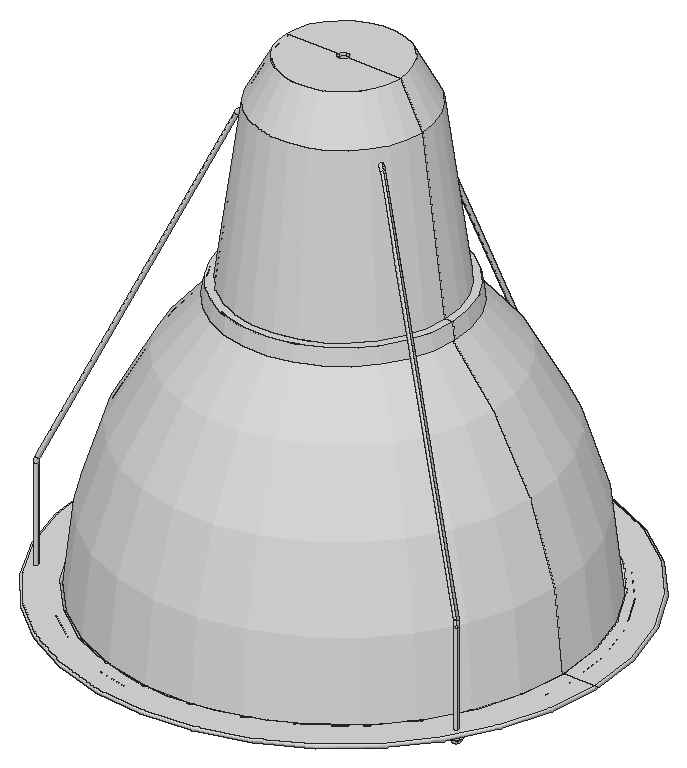
Revit family "RD22", category Lighting Fixtures, Revit 2024
Family settings
  Round Connector Dimension = Use Diameter
  Part Type = Normal
  OmniClass Number = 23.80.70.00
  OmniClass Title = Lighting
  Work Plane-Based = No
  Always vertical = Yes
  Cut with Voids When Loaded = No
  Light Source = No
  Maintain Annotation Orientation = No
  Shared = No
  Room Calculation Point = No
Parameters
  Default Elevation = 0' - 0"
Reference planes (in)
  plane 1 "Light Source Axis (F/B)": y = 0
  plane 2: z = 0
  plane 3 "Light Source Axis (L/R)": x = 0
  plane 4 "Light Source Elevation": z = 54
Forms (in)
  Revolve 1, solid, material "48"
    sketch origin (0, 0, 0) x (1, 0, 0) y (0, 0, 1)
      loop
        line (2.8125, 77.75) -> (0.25, 77.75) -> (0.25, 77.65625) -> (2.75696, 77.65625) -> (3.81747, 75.72007) -> (4.91835, 67.78125) -> (5.29558, 67.78125) -> (5.40496, 67.125) -> (5.5, 67.125) -> (5.375, 67.875) -> (5, 67.875) -> (3.90796, 75.75) -> (2.8125, 77.75)
      axis (0, 67.125) -> (0, 77.75)
    angle from 0 to 360
  Revolve 2, solid, material "48"
    sketch origin (0, 0, 0) x (1, 0, 0) y (0, 0, 1)
      loop
        arc (11.1875, 54) -> (11.25, 54.0625) -> (11.1875, 54.125) r 0.0625
        line (11.1875, 54.125) -> (10.83403, 54.125)
        arc (10.83403, 54.125) -> (9.2544, 61.42208) -> (4.98056, 67.54392) r 18.96413
        line (4.98056, 67.54392) -> (4.91425, 67.47761)
        arc (4.91425, 67.47761) -> (9.19267, 61.32887) -> (10.74175, 54) r 18.87038
        line (10.74175, 54) -> (11.1875, 54)
      axis (0, 67.54392) -> (0, 54)
    angle from 0 to 360
  Revolve 3, solid, material "48"
    sketch origin (0, 0, 0) x (1, 0, 0) y (0, 0, 1)
      loop
        arc (12.4125, 54.125) -> (12.5, 54.2125) -> (12.4125, 54.3) r 0.0875
        line (12.4125, 54.3) -> (10.93136, 54.3)
        arc (10.93136, 54.3) -> (10.84386, 54.2125) -> (10.93136, 54.125) r 0.0875
        line (10.93136, 54.125) -> (12.4125, 54.125)
      axis (0, 54.3) -> (0, 54.125)
    angle from 0 to 360
  Sweep 4, solid, material "48"
    path origin (0, 0, 0) x (0.866025, 0.5, 0) y (0, 0, 1)
      loop
        line (-11.96945, 54.3) -> (-11.96945, 58.82315)
        arc (-11.96945, 58.82315) -> (-11.95511, 58.95099) -> (-11.9128, 59.07247) r 0.577
        line (-11.9128, 59.07247) -> (-4.16178, 74.8941)
        arc (-4.16178, 74.8941) -> (-3.90561, 75.02468) -> (-3.74137, 74.78867) r 0.21875
    profile origin (-10.36584, -5.98472, 56.56157) x (-0.866025, -0.5, 0) y (0.5, -0.866025, 0)
      loop
        circle (0, 0) r 0.09375
  Revolve 5, solid, material "48"
    sketch origin (0, 0, 0) x (0.866025, 0.5, 0) y (0, 0, 1)
      loop
        line (-12.28093, 54.125) -> (-12.28093, 53.96904)
        arc (-12.28093, 53.96904) -> (-12.24499, 53.93309) -> (-12.20057, 53.90839) r 0.18335
        arc (-12.20057, 53.90839) -> (-12.13287, 53.74497) -> (-11.96945, 53.67727) r 0.23112
        line (-11.96945, 53.67727) -> (-11.96945, 54.125) -> (-12.28093, 54.125)
      axis (-11.96945, 53.67727) -> (-11.96945, 54.125)
    angle from 0 to 360
  Sweep 6, solid, material "48"
    path origin (0, 0, 0) x (0, -1, 0) y (0, 0, 1)
      loop
        line (-11.96945, 54.3) -> (-11.96945, 58.82315)
        arc (-11.96945, 58.82315) -> (-11.95511, 58.95099) -> (-11.9128, 59.07247) r 0.577
        line (-11.9128, 59.07247) -> (-4.16178, 74.8941)
        arc (-4.16178, 74.8941) -> (-3.90561, 75.02468) -> (-3.74137, 74.78867) r 0.21875
    profile origin (0, 11.96945, 56.56157) x (0, 1, 0) y (-1, 0, 0)
      loop
        circle (0, 0) r 0.09375
  Revolve 7, solid, material "48"
    sketch origin (0, 0, 0) x (0, -1, 0) y (0, 0, 1)
      loop
        line (-12.28093, 54.125) -> (-12.28093, 53.96904)
        arc (-12.28093, 53.96904) -> (-12.24499, 53.93309) -> (-12.20057, 53.90839) r 0.18335
        arc (-12.20057, 53.90839) -> (-12.13287, 53.74497) -> (-11.96945, 53.67727) r 0.23112
        line (-11.96945, 53.67727) -> (-11.96945, 54.125) -> (-12.28093, 54.125)
      axis (-11.96945, 53.67727) -> (-11.96945, 54.125)
    angle from 0 to 360
  Sweep 8, solid, material "48"
    path origin (0, 0, 0) x (-0.866025, 0.5, 0) y (0, 0, 1)
      loop
        line (-11.96945, 54.3) -> (-11.96945, 58.82315)
        arc (-11.96945, 58.82315) -> (-11.95511, 58.95099) -> (-11.9128, 59.07247) r 0.577
        line (-11.9128, 59.07247) -> (-4.16178, 74.8941)
        arc (-4.16178, 74.8941) -> (-3.90561, 75.02468) -> (-3.74137, 74.78867) r 0.21875
    profile origin (10.36584, -5.98472, 56.56157) x (0.866025, -0.5, 0) y (0.5, 0.866025, 0)
      loop
        circle (0, 0) r 0.09375
  Revolve 9, solid, material "48"
    sketch origin (0, 0, 0) x (-0.866025, 0.5, 0) y (0, 0, 1)
      loop
        line (-12.28093, 54.125) -> (-12.28093, 53.96904)
        arc (-12.28093, 53.96904) -> (-12.24499, 53.93309) -> (-12.20057, 53.90839) r 0.18335
        arc (-12.20057, 53.90839) -> (-12.13287, 53.74497) -> (-11.96945, 53.67727) r 0.23112
        line (-11.96945, 53.67727) -> (-11.96945, 54.125) -> (-12.28093, 54.125)
      axis (-11.96945, 53.67727) -> (-11.96945, 54.125)
    angle from 0 to 360
Dimensions and locks (in)
  aligned and locked: level to plane 2
